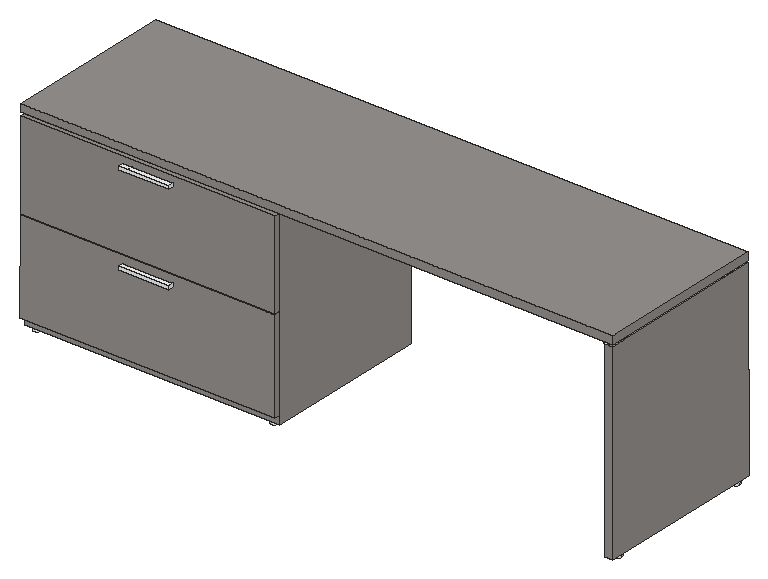
Revit family "Storage-Credenza-Teknion-B_ZHL_Single_Lateral_File-R2015", category Furniture, Revit 2015
Parameters (values of type "Wall Access Modesty Panel Style")
  Width [instance] = 84.000"
  Warranty = "http://www.teknion.com/ca/papers/legal-canada"
  Wall Access Modesty Panel Style = not([Flush, Full Modesty Panel Style])  # yes
  Unit Weight URL = "http://www.teknion.com/pricing/expansion-casegoods/pdfs/wv.pdf"
  URL = "http://www.teknion.com/"
  Sustainability Data = "http://www.teknion.com/about-teknion/environment/datasheets.asp"
  Surface and Edge Trim Finish [instance] = Source Laminate - Teknion - DE - Latte
  Storage Width [instance] = 36.000"
  Product Page URL = "http://www.teknion.com/ca/products/product-details?productlineid=0053336e-8e7a-673b-a6c8-ff00004460c4"
  Product Line = "Expansion Casegoods"
  Product Documentation Link = "http://www.teknion.com/pricing/expansion-casegoods/pdfs/B_ZHL_ppg.pdf"
  Part Number = "BMZHL"
  Note [instance] = "Available Widths for the Credenza range from 60 to 84 inches in 6 inch increments. Available Depths for the Credenza are 18 and 24 inches. Available Widths for the Storage Pedestal are 30 and 36 inches."  # constant formula
  Modesty Panel Height Offset [instance] = if(Wall Access Modesty Panel Style, 19.836", 0.000")  # 19.836"
  Model = "BMZHL9____"
  Manufacturer Phone = "416-661-3370"
  Manufacturer Fax = "416.661.4586"
  Manufacturer Contact Information = "http://www.teknion.com/ca/contactus"
  Manufacturer Address = "1150 Flint Road, Toronto, ON. M3J 2J5. Canada"
  Manufacturer = "Teknion"  # constant formula
  Lateral File Unit Finish [instance] = Source Laminate - Teknion - DE - Latte
  Lateral File Trim Finish [instance] = Source Laminate - Teknion - DE - Latte
  Lateral File Front Finish [instance] = Source Laminate - Teknion - DE - Latte
  Hardware Finish [instance] = Mica - Teknion - V - Satin - Very White
  Grommet Finish [instance] = Mica - Teknion - V - Satin - Very White
  Gable Finish [instance] = Source Laminate - Teknion - DE - Latte
  Flush, Full Modesty Panel Style = no
  Description = "Credenza with Single Lateral File, 1-3/16\" Thick WS, Wall Access Modesty Panel Style"
  Depth [instance] = 24.000"
  Assembly Code = "E2020200"
  Actual Width [instance] = if(Width = 60.000", 59.700", if(Width = 66.000", 65.670", if(Width = 72.000", 71.640", if(Width = 78.000", 77.610", 83.580"))))  # 83.580"
Types (2): name | Wall Access Modesty Panel Style | Modesty Panel Height Offset | Model | Flush, Full Modesty Panel Style | Description
  Flush, Full Modesty Panel Style | no | 0.000" | "BMZHL1____" | yes | "Credenza with Single Lateral File, 1-3/16\" Thick WS, Flush, Full Modesty Panel Style"
  Wall Access Modesty Panel Style | yes | 19.836" | "BMZHL9____" | no | "Credenza with Single Lateral File, 1-3/16\" Thick WS, Wall Access Modesty Panel Style"
Reference planes (in)
  plane 1 "Center F/B": y = 0
  plane 2 "Bottom": z = 0
  plane 3 "Center L/R": x = 0
  plane 4 "Left": x = -41.79
  plane 5 "Right": x = 41.79
  plane 6 "Back": y = 12
  plane 7 "Front": y = -12
  plane 8 "Top": z = 28.75
  plane 9: z = 27.625
  plane 10: x = -5.79
  plane 11 "Pedestal Bottom": z = 0.413
  plane 12 "Wall Access Top": z = 27.375
  plane 13: x = 40.79
  plane 14: x = 39.665
  plane 15: x = -23.79
  plane 16 "Plan Representation": z = 65.25
  plane 17: x = -23.79
  plane 18: x = -23.79
Forms (in)
  Sweep 1, solid, material "Source Laminate - Teknion - DE - Latte" <- "Lateral File Unit Finish"
    path origin (0, 0, 0) x (1, 0, 0) y (0, 0, 1)
      loop
        line (-5.79, 0.413) -> (-5.79, 27.25)
    profile origin (-5.79, 0, 13.8315) x (-1, 0, 0) y (0, -1, 0)
      loop
        line (36, -12) -> (36, 11.22) -> (0, 11.22) -> (0, -12) -> (36, -12)
  Sweep 2, solid, material "Source Laminate - Teknion - DE - Latte" <- "Surface and Edge Trim Finish"
    path origin (0, 0, 0) x (1, 0, 0) y (0, 0, 1)
      loop
        line (0, 28.75) -> (0, 27.625)
    profile origin (0, 0, 28.1875) x (0, -1, 0) y (1, 0, 0)
      loop
        line (-12, -41.79) -> (12, -41.79) -> (12, 41.79) -> (-12, 41.79) -> (-12, -41.79)
  Sweep 3, solid, material "Source Laminate - Teknion - DE - Latte" <- "Lateral File Front Finish"
    path origin (0, 0, 0) x (0, 1, 0) y (0, 0, 1)
      loop
        line (-11.22, 0.413) -> (-12, 0.413)
    profile origin (0, -11.61, 0.413) x (0, 0, -1) y (1, 0, 0)
      loop
        line (-14.241, -41.79) -> (-1.162, -41.79) -> (-1.162, -5.79) -> (-14.241, -5.79) -> (-14.241, -41.79)
      loop
        line (-14.359, -41.79) -> (-14.359, -5.79) -> (-26.71889, -5.79) -> (-26.71889, -41.79) -> (-20.599, -41.79) -> (-14.359, -41.79)
  Sweep 4, solid, material "Mica - Teknion - V - Satin - Very White" <- "Hardware Finish"
    path origin (0, 0, 0) x (1, 0, 0) y (0, 0, 1)
      loop
        line (-5.79, 0) -> (-5.79, 0.413)
    profile origin (-5.79, 0, 0.2065) x (-1, 0, 0) y (0, -1, 0)
      loop
        circle (34.74, -11.362) r 0.5
      loop
        circle (1.26, -11.362) r 0.5
      loop
        circle (34.74, 10.583) r 0.5
      loop
        circle (1.26, 10.583) r 0.5
      loop
        circle (-47.08, 10.38) r 0.5
      loop
        circle (-47.08, -10.5) r 0.5
  Sweep 5, solid, material "Source Laminate - Teknion - DE - Latte" <- "Gable Finish"
    path origin (0, 0, 0) x (1, 0, 0) y (0, 1, 0)
      loop
        line (0, 10.875) -> (0, 9.875)
    profile origin (0, 10.375, 0) x (1, 0, 0) y (0, 0, 1)
      loop
        line (40.79, 20.249) -> (40.79, 27.375) -> (-5.79, 27.375) -> (-5.79, 20.249) -> (40.79, 20.249)
  Sweep 6, solid, material "Source Laminate - Teknion - DE - Latte" <- "Gable Finish"
    path origin (0, 0, 0) x (1, 0, 0) y (0, 0, 1)
      loop
        line (41.79, 27.375) -> (41.79, 0.413)
    profile origin (41.79, 0, 13.894) x (0, -1, 0) y (1, 0, 0)
      loop
        line (-12, 0) -> (-12, -1) -> (12, -1) -> (12, 0) -> (-12, 0)
  Sweep 7, solid, material "Mica - Teknion - V - Satin - Very White" <- "Hardware Finish"
    path origin (0, 0, 0) x (0, 1, 0) y (0, 0, 1)
      loop
        line (12, 27.375) -> (12, 27.625)
    profile origin (0, 12, 27.5) x (0, -1, 0) y (1, 0, 0)
      loop
        spline (18.76571, 40.73474) -> (18.85486, 40.49219) -> (19.11624, 40.26617) -> (19.53202, 40.07209) -> (20.07388, 39.92316) -> (20.70489, 39.82954) -> (21.38205, 39.79761) -> (22.05921, 39.82954) -> (22.69022, 39.92316) -> (23.23208, 40.07209) -> (23.64787, 40.26617) -> (23.90924, 40.49219) -> (23.99839, 40.73474)
        spline (23.99839, 40.73474) -> (23.90924, 40.97729) -> (23.64787, 41.20331) -> (23.23208, 41.3974) -> (22.69022, 41.54632) -> (22.05921, 41.63994) -> (21.38205, 41.67188) -> (20.70489, 41.63994) -> (20.07388, 41.54632) -> (19.53202, 41.3974) -> (19.11624, 41.20331) -> (18.85486, 40.97729) -> (18.76571, 40.73474)
      loop
        spline (5.37339, 40.73474) -> (5.28424, 40.97729) -> (5.02286, 41.20331) -> (4.60708, 41.3974) -> (4.06522, 41.54632) -> (3.43421, 41.63994) -> (2.75705, 41.67188) -> (2.07989, 41.63994) -> (1.44888, 41.54632) -> (0.90702, 41.3974) -> (0.49124, 41.20331) -> (0.22986, 40.97729) -> (0.14071, 40.73474)
        spline (0.14071, 40.73474) -> (0.22986, 40.49219) -> (0.49124, 40.26617) -> (0.90702, 40.07209) -> (1.44888, 39.92316) -> (2.07989, 39.82954) -> (2.75705, 39.79761) -> (3.43421, 39.82954) -> (4.06522, 39.92316) -> (4.60708, 40.07209) -> (5.02286, 40.26617) -> (5.28424, 40.49219) -> (5.37339, 40.73474)
  Sweep 8, solid, material "Mica - Teknion - V - Satin - Very White" <- "Hardware Finish"
    path origin (0, 0, 0) x (1, 0, 0) y (0, 0, 1)
      loop
        line (40.79, 27.375) -> (40.79, 13.406)
    profile origin (40.79, 0, 20.3905) x (0, -1, 0) y (1, 0, 0)
      loop
        line (-9.875, -1.125) -> (-9.816, -1.125) -> (-9.816, -0.059) -> (-8.75, -0.059) -> (-8.75, 0) -> (-9.875, 0) -> (-9.875, -1.125)
  Sweep 9, void
    path origin (0, 0, 0) x (1, 0, 0) y (0, 1, 0)
      loop
        line (39.665, 12) -> (39.665, 0)
    profile origin (39.665, 6, 0) x (1, 0, 0) y (0, 0, 1)
      loop
        line (0, 13.406) -> (1.066, 13.406) -> (0, 14.512) -> (0, 13.406)
  Sweep 10, void
    path origin (0, 0, 0) x (1, 0, 0) y (0, 1, 0)
      loop
        line (-41.79, -12) -> (-41.79, -12.632)
    profile origin (-41.79, -12.316, 0) x (1, 0, 0) y (0, 0, 1)
      loop
        line (15.675, 13.503) -> (15.675, 13) -> (20.325, 13) -> (20.325, 13.503) -> (15.675, 13.503)
      loop
        line (15.675, 26.193) -> (15.675, 25.69) -> (20.325, 25.69) -> (20.325, 26.193) -> (15.675, 26.193)
  Sweep 11, solid, material "Mica - Teknion - V - Satin - Very White" <- "Hardware Finish"
    path origin (-14.75, 0, 12) x (1, 0, 0) y (0, 1, 0)
      loop
        line (-41.79, -12) -> (-41.79, -12.75)
    profile origin (-56.54, -12.375, 12) x (1, 0, 0) y (0, 0, 1)
      loop
        line (29.25, 14.263) -> (29.25, 13.793) -> (36.25, 13.793) -> (36.25, 14.263) -> (29.25, 14.263)
      loop
        line (29.25, 1.103) -> (36.25, 1.103) -> (36.25, 1.573) -> (29.25, 1.573) -> (29.25, 1.103)
Cuts and joins
  Sweep 9 cuts Sweep 8
  Sweep 10 cuts Sweep 11
  joined: Sweep 4, Sweep 7, Sweep 8, Sweep 11
Lines and regions (in)
  Masking region 1
    outline origin (0, 0, 28.75) x (-1, 0, 0) y (0, -1, 0)
      loop
        line (41.79, -12) -> (41.79, 12) -> (-41.79, 12) -> (-41.79, -12) -> (41.79, -12)
  Masking region 2
    outline origin (0, 0, 28.75) x (-1, 0, 0) y (0, -1, 0)
      loop
        line (27.29, 12.75) -> (20.29, 12.75) -> (20.29, 12) -> (27.29, 12) -> (27.29, 12.75)
  Split face 1
    outline origin (0, 0, 28.75) x (-1, 0, 0) y (0, -1, 0)
      loop
        spline (-35.29047, -7.86898) -> (-36.03233, -7.90832) -> (-36.72364, -8.02368) -> (-37.31728, -8.20718) -> (-37.77279, -8.44633) -> (-38.05914, -8.72482) -> (-38.15681, -9.02368) -> (-38.05914, -9.32253) -> (-37.77279, -9.60102) -> (-37.31728, -9.84017) -> (-36.72364, -10.02367) -> (-36.03233, -10.13903) -> (-35.29047, -10.17837)
        spline (-35.29047, -10.17837) -> (-34.5486, -10.13903) -> (-33.85729, -10.02367) -> (-33.26366, -9.84017) -> (-32.80814, -9.60102) -> (-32.52179, -9.32253) -> (-32.42412, -9.02368) -> (-32.52179, -8.72482) -> (-32.80814, -8.44633) -> (-33.26366, -8.20718) -> (-33.85729, -8.02368) -> (-34.5486, -7.90832) -> (-35.29047, -7.86898)
  symbolic lines, style "Hidden Lines", detail levels medium+fine
    curve 1: line (40.79, 12, 65.25) -> (40.79, -12, 65.25)
    curve 2: line (-5.79, 12, 65.25) -> (-5.79, -12, 65.25)
    curve 11: line (-41.79, -11.22, 0) -> (-5.79, -11.22, 0)
  symbolic lines, style "Hidden Lines", detail levels fine
    curve 3: line (40.79, 10.875, 65.25) -> (-5.79, 10.875, 65.25)
    curve 4: line (40.79, 9.875, 65.25) -> (-5.79, 9.875, 65.25)
    curve 12: arc (-41.03, -10.583, 0) -> (-40.53, -11.083, 0) -> (-40.03, -10.583, 0) r 0.5
    curve 13: arc (-40.03, -10.583, 0) -> (-40.53, -10.083, 0) -> (-41.03, -10.583, 0) r 0.5
    curve 14: arc (-6.55, -10.583, 0) -> (-7.05, -10.083, 0) -> (-7.55, -10.583, 0) r 0.5
    curve 15: arc (-7.55, -10.583, 0) -> (-7.05, -11.083, 0) -> (-6.55, -10.583, 0) r 0.5
    curve 16: arc (-7.55, 11.362, 0) -> (-7.05, 10.862, 0) -> (-6.55, 11.362, 0) r 0.5
    curve 17: arc (-6.55, 11.362, 0) -> (-7.05, 11.862, 0) -> (-7.55, 11.362, 0) r 0.5
    curve 18: arc (-41.03, 11.362, 0) -> (-40.53, 10.862, 0) -> (-40.03, 11.362, 0) r 0.5
    curve 19: arc (-40.03, 11.362, 0) -> (-40.53, 11.862, 0) -> (-41.03, 11.362, 0) r 0.5
    curve 20: arc (40.79, 10.5, 0) -> (41.29, 10, 0) -> (41.79, 10.5, 0) r 0.5
    curve 21: arc (41.79, 10.5, 0) -> (41.29, 11, 0) -> (40.79, 10.5, 0) r 0.5
    curve 22: arc (41.79, -10.38, 0) -> (41.29, -9.88, 0) -> (40.79, -10.38, 0) r 0.5
    curve 23: arc (40.79, -10.38, 0) -> (41.29, -10.88, 0) -> (41.79, -10.38, 0) r 0.5
  symbolic lines, style "Furniture", detail levels medium+fine
    curve 5: spline (35.29047, 10.17837, 65.25) -> (34.5486, 10.13903, 65.25) -> (33.85729, 10.02367, 65.25) -> (33.26366, 9.84017, 65.25) -> (32.80814, 9.60102, 65.25) -> (32.52179, 9.32253, 65.25) -> (32.42412, 9.02368, 65.25) -> (32.52179, 8.72482, 65.25) -> (32.80814, 8.44633, 65.25) -> (33.26366, 8.20718, 65.25) -> (33.85729, 8.02368, 65.25) -> (34.5486, 7.90832, 65.25) -> (35.29047, 7.86898, 65.25)
    curve 6: spline (35.29047, 7.86898, 65.25) -> (36.03233, 7.90832, 65.25) -> (36.72364, 8.02368, 65.25) -> (37.31728, 8.20718, 65.25) -> (37.77279, 8.44633, 65.25) -> (38.05914, 8.72482, 65.25) -> (38.15681, 9.02368, 65.25) -> (38.05914, 9.32253, 65.25) -> (37.77279, 9.60102, 65.25) -> (37.31728, 9.84017, 65.25) -> (36.72364, 10.02367, 65.25) -> (36.03233, 10.13903, 65.25) -> (35.29047, 10.17837, 65.25)
  symbolic lines, detail levels medium+fine
    curve 7: arc (33.34589, 9.87199, 28.75) -> (35.28978, 9.42428, 28.75) -> (37.2338, 9.87139, 28.75) r 4.44681
    curve 8: arc (33.36331, 8.18331, 28.75) -> (35.30091, 8.62505, 28.75) -> (37.2364, 8.17418, 28.75) r 4.42454
  model lines, detail levels medium+fine
    curve 9: arc (33.34589, 9.87199, 28.75) -> (35.28978, 9.42428, 28.75) -> (37.2338, 9.87139, 28.75) r 4.44681
    curve 10: arc (33.36331, 8.18331, 28.75) -> (35.30091, 8.62505, 28.75) -> (37.2364, 8.17418, 28.75) r 4.42454
  symbolic lines
    curve 24: line (-26.115, -12, 0) -> (-26.115, -12.632, 0)
    curve 25: line (-26.115, -12.632, 0) -> (-21.465, -12.632, 0)
    curve 26: line (-21.465, -12.632, 0) -> (-21.465, -12, 0)
  reference lines, not visible
    curve 27: line (-41.79, 12, 0) -> (41.79, 12, 0)
    curve 28: line (41.79, 12, 0) -> (41.79, -12, 0)
    curve 29: line (41.79, -12, 0) -> (-41.79, -12, 0)
    curve 30: line (-41.79, 12, 0) -> (-41.79, -12, 0)
Dimensions and locks (in)
  equal spacing: plane 4 "Left", plane 3 "Center L/R", plane 5 "Right"
  equal spacing: plane 6 "Back", plane 1 "Center F/B", plane 7 "Front"
  "Depth": plane 6 "Back" to plane 7 "Front"
  locked: plane 8 "Top" to plane 9 at 1.125
  "Storage Width": plane 4 "Left" to plane 10
  locked: plane 6 "Back" to Sweep 1 sketch curve at 23.22
  locked: Sweep 3 sketch curve to level at 1.575
  locked: Sweep 3 sketch curve to level at 14.654
  locked: Sweep 3 sketch curve to level at 14.772
  Sweep 3 sketch curve to level = 27.13189"
  locked: plane 6 "Back" to Sweep 4 sketch curve at 0.638
  locked: plane 6 "Back" to Sweep 4 sketch curve at 22.583
  locked: Sweep 2 to Sweep 4 sketch curve at 0.638
  locked: Sweep 2 to Sweep 4 sketch curve at 22.583
  locked: Sweep 4 sketch curve to plane 5 "Right" at 0.5  (x2)
  locked: Sweep 4 sketch curve to plane 10 at 1.26  (x2)
  locked: plane 6 "Back" to Sweep 4 sketch curve at 1.5
  locked: plane 6 "Back" to Sweep 4 sketch curve at 22.38
  locked: plane 6 "Back" to Sweep 5 sketch curve at 1.125
  locked: plane 6 "Back" to Sweep 5 sketch curve at 2.125
  locked: Sweep 7 sketch curve to plane 1 "Center F/B" at 6.62661
  locked: Sweep 7 sketch curve to plane 14 at 0.13261  (x2)
  locked: Sweep 7 sketch curve to Sweep 7 sketch curve at 2.61634  (x2)
  locked: Sweep 7 sketch curve to Sweep 7 sketch curve at 0.93713  (x2)
  locked: Sweep 7 sketch curve to plane 1 "Center F/B" at 6.76571
  locked: plane 12 "Wall Access Top" to Sweep 8 sketch curve at 13.969
  locked: Sweep 8 sketch curve to Sweep 8 sketch curve at 0.059  (x2)
  locked: Sweep 8 sketch curve to Sweep 8 sketch curve at 1.125  (x2)
  locked: plane 12 "Wall Access Top" to Sweep 9 sketch curve at 12.863
  locked: Sweep 10 sketch curve to plane 7 "Front" at 0.632
  equal spacing: Sweep 10 sketch curve, plane 15, Sweep 10 sketch curve, locked at 2.325 each  (x2)
  locked: Sweep 10 sketch curve to level at 13
  locked: plane 16 "Plan Representation" to plane 2 "Bottom" at 65.25
  locked: plane 4 "Left" to Sweep 4 sketch curve at 1.26  (x2)
  equal spacing: plane 10, plane 15, plane 4 "Left"
  equal spacing: Sweep 11 sketch curve, plane 17, Sweep 11 sketch curve, locked at 3.5 each
  locked: Sweep 11 sketch curve to Sweep 11 sketch curve at 0.47
  locked: Sweep 11 sketch curve to level at 25.793
  plane 17 to plane 4 "Left" = 18.000"
  locked: plane 13 to plane 5 "Right" at 1
  locked: plane 14 to plane 5 "Right" at 2.125
  "Actual Width": plane 4 "Left" to plane 5 "Right"
  locked: plane 11 "Pedestal Bottom" to plane 2 "Bottom" at 0.413
  locked: plane 12 "Wall Access Top" to Sweep 1 sketch curve at 0.125
  locked: Sweep 3 sketch curve to plane 7 "Front" at 0.78
  locked: Sweep 10 sketch curve to plane 2 "Bottom" at 25.69
  locked: plane 8 "Top" to plane 2 "Bottom" at 28.75
  locked: curve 6 to plane 5 "Right" at 6.49953
  locked: plane 6 "Back" to curve 6 at 2.97632
  locked: plane 6 "Back" to Split face 1 sketch curve at 2.97632
  locked: Split face 1 sketch curve to plane 5 "Right" at 6.49953
  locked: curve 7 to plane 5 "Right" at 6.49953
  locked: curve 8 to plane 5 "Right" at 6.49953
  curve 7 to plane 6 "Back" to curve 8 = 1.87109" locked, 7.79948" locked
  equal spacing: plane 4 "Left", plane 18, plane 10
  "Modesty Panel Height Offset": Sweep 5 sketch curve to plane 11 "Pedestal Bottom"
  aligned and locked: level to plane 2 "Bottom"
  aligned and locked: plane 11 "Pedestal Bottom" to Sweep 1 sketch curve
  aligned and locked: plane 10 to Sweep 1 sketch curve
  aligned and locked: Sweep 1 sketch curve to plane 6 "Back"
  aligned and locked: plane 4 "Left" to Sweep 1 sketch curve
  aligned and locked: Sweep 1 sketch curve to profile plane
  aligned and locked: plane 8 "Top" to Sweep 2 sketch curve
  aligned and locked: Sweep 2 sketch curve to plane 3 "Center L/R"
  aligned and locked: plane 9 to Sweep 2 sketch curve
  aligned and locked: Sweep 2 sketch curve to Sweep 1  (x2)
  aligned and locked: plane 7 "Front" to Sweep 2 sketch curve
  aligned and locked: plane 5 "Right" to Sweep 2 sketch curve
  aligned and locked: Sweep 1 to Sweep 3 sketch curve
  aligned and locked: plane 7 "Front" to Sweep 3 sketch curve
  aligned and locked: plane 4 "Left" to Sweep 3 sketch curve  (x3)
  aligned and locked: Sweep 3 sketch curve to plane 10  (x2)
  aligned and locked: level to Sweep 4 sketch curve
  aligned and locked: plane 10 to Sweep 4 sketch curve
  aligned and locked: plane 11 "Pedestal Bottom" to Sweep 4 sketch curve
  aligned and locked: Sweep 5 sketch curve to plane 3 "Center L/R"
  aligned and locked: Sweep 5 sketch curve to plane 13
  aligned and locked: plane 10 to Sweep 5 sketch curve
  aligned and locked: Sweep 5 sketch curve to plane 12 "Wall Access Top"
  aligned and locked: plane 12 "Wall Access Top" to Sweep 6 sketch curve
  aligned and locked: Sweep 6 sketch curve to plane 5 "Right"
  aligned and locked: plane 11 "Pedestal Bottom" to Sweep 6 sketch curve
  aligned and locked: Sweep 6 sketch curve to Sweep 2  (x2)
  aligned and locked: Sweep 6 sketch curve to plane 7 "Front"
  aligned and locked: plane 13 to Sweep 6 sketch curve
  aligned and locked: Sweep 7 sketch curve to Sweep 6
  aligned and locked: Sweep 2 to Sweep 7 sketch curve
  aligned and locked: Sweep 6 to Sweep 7 sketch curve
  aligned and locked: Sweep 8 sketch curve to Sweep 5
  aligned and locked: Sweep 8 sketch curve to Sweep 6
  aligned and locked: Sweep 5 to Sweep 8 sketch curve
  aligned and locked: Sweep 8 sketch curve to plane 13
  aligned and locked: plane 6 "Back" to Sweep 9 sketch curve
  aligned and locked: Sweep 9 sketch curve to plane 14
  aligned and locked: plane 1 "Center F/B" to Sweep 9 sketch curve
  aligned and locked: Sweep 8 to Sweep 9 sketch curve
  aligned and locked: Sweep 9 sketch curve to Sweep 8
  aligned and locked: Sweep 10 sketch curve to Sweep 2
  aligned and locked: Sweep 2 to Sweep 10 sketch curve
  aligned and locked: Masking region 1 sketch curve to Sweep 6
  aligned and locked: plane 6 "Back" to curve 1
  aligned and locked: curve 1 to plane 13
  aligned and locked: plane 7 "Front" to curve 1
  aligned and locked: curve 2 to Sweep 1  (x2)
  aligned and locked: plane 7 "Front" to curve 2
  aligned and locked: curve 3 to Sweep 5
  aligned and locked: plane 10 to curve 3
  aligned and locked: curve 1 to curve 4
  aligned and locked: curve 4 to Sweep 5
  aligned and locked: Masking region 2 sketch curve to cut or joined group of Sweep 4, Sweep 7, Sweep 8, Sweep 9, Sweep 10, Sweep 11  (x2)
  aligned and locked: curve 9 to curve 7
  aligned and locked: curve 10 to curve 8
  aligned and locked: curve 11 to Sweep 1
  aligned and locked: curve 12 to cut or joined group of Sweep 4, Sweep 7, Sweep 8, Sweep 9, Sweep 10, Sweep 11
  aligned and locked: curve 13 to cut or joined group of Sweep 4, Sweep 7, Sweep 8, Sweep 9, Sweep 10, Sweep 11
  aligned and locked: curve 14 to cut or joined group of Sweep 4, Sweep 7, Sweep 8, Sweep 9, Sweep 10, Sweep 11
  aligned and locked: curve 15 to cut or joined group of Sweep 4, Sweep 7, Sweep 8, Sweep 9, Sweep 10, Sweep 11
  aligned and locked: curve 16 to cut or joined group of Sweep 4, Sweep 7, Sweep 8, Sweep 9, Sweep 10, Sweep 11
  aligned and locked: curve 17 to cut or joined group of Sweep 4, Sweep 7, Sweep 8, Sweep 9, Sweep 10, Sweep 11
  aligned and locked: curve 18 to cut or joined group of Sweep 4, Sweep 7, Sweep 8, Sweep 9, Sweep 10, Sweep 11
  aligned and locked: curve 19 to cut or joined group of Sweep 4, Sweep 7, Sweep 8, Sweep 9, Sweep 10, Sweep 11
  aligned and locked: curve 20 to cut or joined group of Sweep 4, Sweep 7, Sweep 8, Sweep 9, Sweep 10, Sweep 11
  aligned and locked: curve 21 to cut or joined group of Sweep 4, Sweep 7, Sweep 8, Sweep 9, Sweep 10, Sweep 11
  aligned and locked: curve 22 to cut or joined group of Sweep 4, Sweep 7, Sweep 8, Sweep 9, Sweep 10, Sweep 11
  aligned and locked: curve 23 to cut or joined group of Sweep 4, Sweep 7, Sweep 8, Sweep 9, Sweep 10, Sweep 11
  aligned and locked: curve 24 to cut or joined group of Sweep 4, Sweep 7, Sweep 8, Sweep 9, Sweep 10, Sweep 11
  aligned and locked: curve 25 to cut or joined group of Sweep 4, Sweep 7, Sweep 8, Sweep 9, Sweep 10, Sweep 11
  aligned and locked: curve 26 to cut or joined group of Sweep 4, Sweep 7, Sweep 8, Sweep 9, Sweep 10, Sweep 11
  aligned and locked: curve 27 to plane 6 "Back"
  aligned and locked: curve 28 to plane 5 "Right"
  aligned and locked: curve 29 to plane 7 "Front"
  aligned and locked: curve 30 to plane 4 "Left"
Automatic sketch dimensions
  Sweep 3 sketch curve to Sweep 3 sketch curve = 6.11989"
  Sweep 9 sketch curve to Sweep 9 sketch curve = 1.066"
  plane 7 "Front" to Sweep 11 sketch curve = 0.000"
  plane 7 "Front" to Sweep 11 sketch curve = 0.750"
  Sweep 11 sketch curve to plane 4 "Left" = 14.750"
  Sweep 11 sketch curve to plane 17 = 3.500"  (x2)
  plane 7 "Front" to Masking region 2 sketch curve = 0.000"
  plane 7 "Front" to Masking region 2 sketch curve = 0.750"
  profile plane to Sweep 11 sketch curve = 1.573"
  profile plane to Sweep 11 sketch curve = 1.103"
  plane 17 to Sweep 11 sketch curve = 3.500"
  Sweep 10 sketch curve to plane 15 = 2.325"  (x2)
  Sweep 10 sketch curve to Sweep 10 sketch curve = 0.503"  (x2)
  curve 5 to curve 6 = 1.1547"
  curve 8 to plane 14 = 2.4286"
  curve 8 to curve 7 = 0.0026"
  curve 8 to curve 7 = 0.01741"
  curve 7 to plane 6 "Back" = 2.12801"
  curve 7 to curve 8 = 1.68868"
  curve 7 to curve 8 = 1.69721"
  Masking region 1 sketch curve to plane 4 "Left" = 0.000"
  Masking region 1 sketch curve to plane 6 "Back" = 0.000"
  plane 7 "Front" to Masking region 1 sketch curve = 0.000"
  Split face 1 sketch curve to Split face 1 sketch curve = 1.1547"
  curve 9 to Sweep 2 = 2.12861"
  curve 9 to Sweep 2 = 2.12801"
  curve 10 to curve 9 = 0.0026"
  curve 10 to curve 9 = 0.01741"
  curve 11 to plane 4 "Left" = 0.000"
  curve 11 to plane 10 = 0.000"
  plane 7 "Front" to curve 24 = 0.000"
  plane 7 "Front" to curve 26 = 0.000"
  radius of Sweep 4 sketch curve = 0.500"  (x6)
